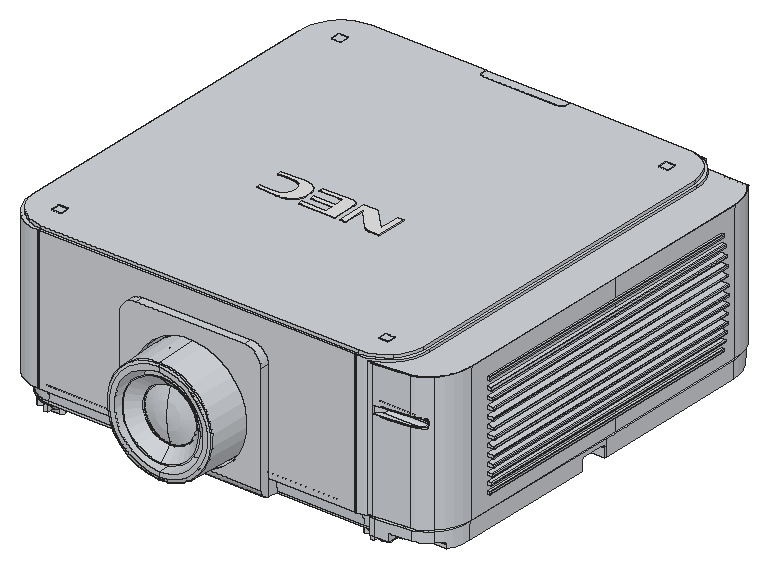
Revit family "PX602UL", category Generic Models, Revit 2012
Parameters
  URL = "www.necdisplay.com"
  Signal Compatibility/Connectivity - Sync Compatibility = "    Separate Sync /Composite Sync / Sync on G"  # constant formula
  Signal Compatibility/Connectivity - Supported Video Standards = "    NTSC, NTSC4.43, PAL, PAL-60, PAL-M, PAL-N, SECAM"  # constant formula
  Signal Compatibility/Connectivity - Scan Rate, Vertical = "    48 - 120 Hz"  # constant formula
  Signal Compatibility/Connectivity - Scan Rate, Horizontal = "    15 - 108 kHz"  # constant formula
  Signal Compatibility/Connectivity - SD/HD Video Signal Compatibility = "    480i, 480p, 576i, 576p, 720p, 1080i, 1080p"  # constant formula
  Signal Compatibility/Connectivity - PC Signal Compatibility = "    VGA, SVGA, XGA, SXGA, SXGA+, UXGA, WUXGA, WXGA, FHD, 2K, QXGA, WQXGA, 4K"  # constant formula
  Signal Compatibility/Connectivity - Networking = "    HDBaseT, RJ-45"  # constant formula
  Signal Compatibility/Connectivity - Macintosh Compatibility = "    Yes"  # constant formula
  Signal Compatibility/Connectivity - Input/Output Terminals RGB5 (digital) = "    HDBaseT"  # constant formula
  Signal Compatibility/Connectivity - Input/Output Terminals RGB4 (digital) = "    DisplayPort w/ HDCP"  # constant formula
  Signal Compatibility/Connectivity - Input/Output Terminals RGB3 (digital) = "    HDMI w/ HDCP"  # constant formula
  Signal Compatibility/Connectivity - Input/Output Terminals RGB2 (analog) = "    5 BNC"  # constant formula
  Signal Compatibility/Connectivity - Input/Output Terminals RGB1 (analog) = "    VGA 15-pin D-sub"  # constant formula
  Signal Compatibility/Connectivity - Input/Output Terminals Option Slot = "    OPS Option Slot"  # constant formula
  Signal Compatibility/Connectivity - Input/Output Terminals Monitor Out = "    HDMI"  # constant formula
  Signal Compatibility/Connectivity - External Control = "    RS-232, IR, HDBaseT, Wired LAN, DDC/CI, USB"  # constant formula
  Signal Compatibility/Connectivity - 3D Sync Line = "    3Pin D"  # constant formula
  Regulations = "    USA: UL 1950 FCC Class B, Canada: CSA950 (C-UL), NOM"  # constant formula
  Power Requirements = "    100 - 240V AC, 50/60Hz"  # constant formula
  Power Consumption (ECO off/ECO Mode/Standby/Standby-Power Saving = "    590W / 460W / 6W / 0.5W"  # constant formula
  Optional Lenses = "    NP33ZL, NP34ZL, NP35ZL, NP36ZL, NP37ZL, NP38ZL"  # constant formula
  Optical - Throw Area NP33ZL = "    0.75 - 0.95 : 1"  # constant formula
  Optical - Throw Area NP34ZL = "    0.95 - 1.2 : 1"  # constant formula
  Optical - Throw Area NP35ZL = "    1.23 - 1.52 : 1"  # constant formula
  Optical - Throw Area NP36FL = "    1.28 - 1.6 : 1"  # constant formula
  Optical - Throw Area NP37ZL = "    1.52 - 2.92 : 1"  # constant formula
  Optical - Throw Area NP38ZL = "    2.9 - 5.5 : 1"  # constant formula
  Optical - Screen Size (diagonal) = "   50 to 300 in. / 1.27 to 7.62m"  # constant formula
  Optical - Resolution Native = "    WUXGA 1920 x 1200 "  # constant formula
  Optical - Resolution Maximum = "    4K 4096 x 2160"  # constant formula
  Optical - Projection Distance = "    3.3 to 65.5ft / 1.01 to 19.96m"  # constant formula
  Optical - Projection Angle = "    5.8 - 14.4deg tele / 10.9 - 18.4deg wide"  # constant formula
  Optical - Light Output (lumens) = "    6000 Normal / Eco = variable"  # constant formula
  Optical - Lens* Zoom Ratio = "    Powered"  # constant formula
  Optical - Lens* Zoom = "    Variable"  # constant formula
  Optical - Lens* Shift = "    Powered +/- 0.6v vertical, +/- 0.15 horizontal"  # constant formula
  Optical - Lens* Focus = "    Powered"  # constant formula
  Optical - Lens* F-number, f-number NP33ZL = "    TBD"  # constant formula
  Optical - Lens* F-number, f-number NP34ZL = "    F=2.3 to 2.57, f= 14.03 to 17.95mm"  # constant formula
  Optical - Lens* F-number, f-number NP35ZL = "    F=2.0 to 2.32, f= 18.07 to 22.59mm"  # constant formula
  Optical - Lens* F-number, f-number NP36ZL = "    F=2.0 to 2.32, f= 18.07 to 22.59mm"  # constant formula
  Optical - Lens* F-number, f-number NP37ZL = "    F=2.3 to 3.39, f= 22.56 to 42.87mm"  # constant formula
  Optical - Lens* F-number, f-number NP38ZL = "    TBD"  # constant formula
  Optical - Keystone Correction = "    +/- 40deg horizontal, +/- 40deg vertical"  # constant formula
  Optical - Display /Technology = "    0.67in DMD"  # constant formula
  Optical - Contrast Ratio (up to) = "    10,000 : 1 with auto iris"  # constant formula
  Net Weight = "    40.8 lbs / 18.5 kg"  # constant formula
  Model = "PX602UL"  # constant formula
  Manufacturer = "NEC Display Solutions"  # constant formula
  Optical - Laser Life (up to) = "    2000 hours"  # constant formula
  Installation Orientation = "    Floor/Front, Floor/Rear, Ceiling/Front, Ceiling/Rear"  # constant formula
  Input Current = "    6.6 - 2.5A"  # constant formula
  Fan Noise = "    39 dB normal / 34 dB eco"  # constant formula
  Environmental - Storage = "    -14deg - 122degF / -10deg - 50degC"  # constant formula
  Environmental - Operating Temperature = "     41deg - 104degF / 5deg - 40degC"  # constant formula
  Environmental - Humidity = "     20-80% non-condensing"  # constant formula
  Dimensions (WxDxH) = "    19.1 x 22.6 x 8.5in / 484 x 575 x 217mm"  # constant formula
  Description = "Professional Installation Projectors"  # constant formula
  * = "Lens does not ship with projector"  # constant formula
Reference planes (in)
  plane 1 "Center (Front/Back)": y = 0
  plane 2: z = 0
  plane 3 "Center (Left/Right)": x = 0
Forms (in)
  Extrusion 1, solid
    sketch origin (0, 0, 0) x (1, 0, 0) y (0, 0, 1)
      loop
        arc (1.09599, 1.4692) -> (0, 6.71357) -> (-1.09599, 1.4692) r 2.73671
        arc (-1.09599, 1.4692) -> (0, 1.27755) -> (1.09599, 1.4692) r 3.22966
      loop
        arc (-2.5975, 7.40776) -> (-3.16144, 7.17417) -> (-3.39503, 6.61024) r 0.79753
        line (-3.39503, 6.61024) -> (-3.39503, 0.86557) -> (3.39688, 0.86557) -> (3.39688, 6.61024)
        arc (3.39688, 6.61024) -> (3.16329, 7.17417) -> (2.59935, 7.40776) r 0.79753
        line (2.59935, 7.40776) -> (-2.5975, 7.40776)
    from 0 to 0.41339
  Revolve 2, solid
    sketch origin (0, 0, 0) x (0, 1, 0) y (0, 0, 1)
      loop
        arc (-2.2325, 6.50365) -> (-2.25473, 6.49581) -> (-2.2685, 6.47669) r 0.03937
        line (-2.2685, 6.47669) -> (-2.31496, 6.33659) -> (-2.31496, 6.11699) -> (0, 6.11699) -> (0, 6.58161) -> (-2.2325, 6.50365)
      axis (-2.31496, 3.97638) -> (0, 3.97638)
    angle from 0 to 360
  Extrusion 3, void
    sketch origin (0, 0, 0) x (0, 1, 0) y (0, 0, 1)
      loop
        line (-0.41339, 1.38558) -> (-0.53857, 1.36259) -> (-0.53857, 0.63269) -> (0.09014, 0.63269) -> (0.09014, 0.92211) -> (0, 0.92211)
        arc (0, 0.92211) -> (-0.1179, 0.96597) -> (-0.22086, 1.03825) r 0.49268
        arc (-0.22086, 1.03825) -> (-0.34555, 1.19616) -> (-0.41339, 1.38558) r 0.62282
    from -3.39503 to 3.39621
  Revolve 4, solid
    sketch origin (0, 0, 0) x (0, 1, 0) y (0, 0, 1)
      loop
        line (0, 6.58698) -> (0, 6.71357) -> (-0.21069, 6.71357)
        arc (-0.21069, 6.71357) -> (-0.08856, 6.67821) -> (0, 6.58698) r 0.24797
      axis (-0.21069, 3.97638) -> (0, 3.97638)
    angle from 0 to 360
  Extrusion 5, solid
    sketch origin (0, 0, 8.66736) x (1, 0, 0) y (0, 1, 0)
      loop
        line (-7.56649, 0) -> (7.56736, 0)
        arc (7.56736, 0) -> (8.97386, 0.59127) -> (9.53543, 2.00989) r 1.9685
        line (9.53543, 2.00989) -> (9.53543, 18.07226)
        arc (9.53543, 18.07226) -> (9.4737, 18.56) -> (9.29303, 19.01723) r 1.9685
        arc (9.29303, 19.01723) -> (8.56995, 19.76467) -> (7.56693, 20.03937) r 1.9685
        line (7.56693, 20.03937) -> (-7.56693, 20.03937)
        arc (-7.56693, 20.03937) -> (-8.95887, 19.46281) -> (-9.53543, 18.07087) r 1.9685
        line (-9.53543, 18.07087) -> (-9.53543, 1.9685)
        arc (-9.53543, 1.9685) -> (-8.95844, 0.57656) -> (-7.56649, 0) r 1.9685
      loop
        line (-9.37587, 18.15763) -> (-9.37587, 1.88174)
        arc (-9.37587, 1.88174) -> (-8.8474, 0.6878) -> (-7.65335, 0.15954) r 1.81102
        line (-7.65335, 0.15954) -> (7.65378, 0.15954)
        arc (7.65378, 0.15954) -> (8.31192, 0.31765) -> (8.866, 0.70642) r 1.81059
        arc (8.866, 0.70642) -> (9.22829, 1.24728) -> (9.37587, 1.88132) r 1.81059
        line (9.37587, 1.88132) -> (9.37587, 18.16994)
        arc (9.37587, 18.16994) -> (9.2874, 18.64639) -> (9.07499, 19.08195) r 1.79925
        arc (9.07499, 19.08195) -> (8.4322, 19.66663) -> (7.59037, 19.88189) r 1.79925
        line (7.59037, 19.88189) -> (-7.56693, 19.88189)
        arc (-7.56693, 19.88189) -> (-8.81646, 19.38177) -> (-9.37587, 18.15763) r 1.81102
    from -6.93508 to -0.13877
  Extrusion 6, solid
    sketch origin (0, 0, 0) x (1, 0, 0) y (0, 1, 0)
      loop
        line (-9.02053, 18.05906) -> (-9.02053, 1.98031)
        arc (-9.02053, 1.98031) -> (-8.59478, 0.95246) -> (-7.56693, 0.52671) r 1.4536
        line (-7.56693, 0.52671) -> (-0.02958, 0.52671) -> (7.56693, 0.52671)
        arc (7.56693, 0.52671) -> (8.59478, 0.95246) -> (9.02053, 1.98031) r 1.4536
        line (9.02053, 1.98031) -> (9.02053, 9.41383) -> (9.02053, 18.05906)
        arc (9.02053, 18.05906) -> (8.59245, 19.08924) -> (7.56033, 19.51264) r 1.4536
        line (7.56033, 19.51264) -> (-7.56033, 19.51264)
        arc (-7.56033, 19.51264) -> (-8.59245, 19.08924) -> (-9.02053, 18.05906) r 1.4536
      loop
        line (-2.35433, 8.11287) -> (-2.35433, 7.91602) -> (-2.03937, 7.91602) -> (-2.03937, 8.11287) -> (-2.35433, 8.11287)
      loop
        line (-1.96063, 8.11287) -> (-1.96063, 7.91602) -> (-1.64567, 7.91602) -> (-1.64567, 8.11287) -> (-1.96063, 8.11287)
      loop
        line (-1.56693, 8.11287) -> (-1.56693, 7.91602) -> (-1.25197, 7.91602) -> (-1.25197, 8.11287) -> (-1.56693, 8.11287)
      loop
        line (-1.17323, 8.11287) -> (-1.17323, 7.91602) -> (-0.85827, 7.91602) -> (-0.85827, 8.11287) -> (-1.17323, 8.11287)
      loop
        line (-0.77953, 8.11287) -> (-0.77953, 7.91602) -> (-0.46457, 7.91602) -> (-0.46457, 8.11287) -> (-0.77953, 8.11287)
      loop
        line (-0.38583, 8.11287) -> (-0.38583, 7.91602) -> (-0.07087, 7.91602) -> (-0.07087, 8.11287) -> (-0.38583, 8.11287)
      loop
        line (0.00787, 8.11287) -> (0.00787, 7.91602) -> (0.32283, 7.91602) -> (0.32283, 8.11287) -> (0.00787, 8.11287)
      loop
        line (0.40157, 8.11287) -> (0.40157, 7.91602) -> (0.71654, 7.91602) -> (0.71654, 8.11287) -> (0.40157, 8.11287)
      loop
        line (0.79528, 8.11287) -> (0.79528, 7.91602) -> (1.11024, 7.91602) -> (1.11024, 8.11287) -> (0.79528, 8.11287)
      loop
        line (1.18898, 8.11287) -> (1.18898, 7.91602) -> (1.50394, 7.91602) -> (1.50394, 8.11287) -> (1.18898, 8.11287)
      loop
        line (-2.35433, 7.84132) -> (-2.35433, 7.64447) -> (-2.03937, 7.64447) -> (-2.03937, 7.84132) -> (-2.35433, 7.84132)
      loop
        line (-1.96063, 7.84132) -> (-1.96063, 7.64447) -> (-1.64567, 7.64447) -> (-1.64567, 7.84132) -> (-1.96063, 7.84132)
      loop
        line (-1.56693, 7.84132) -> (-1.56693, 7.64447) -> (-1.25197, 7.64447) -> (-1.25197, 7.84132) -> (-1.56693, 7.84132)
      loop
        line (-1.17323, 7.84132) -> (-1.17323, 7.64447) -> (-0.85827, 7.64447) -> (-0.85827, 7.84132) -> (-1.17323, 7.84132)
      loop
        line (-0.77953, 7.84132) -> (-0.77953, 7.64447) -> (-0.46457, 7.64447) -> (-0.46457, 7.84132) -> (-0.77953, 7.84132)
      loop
        line (-0.38583, 7.84132) -> (-0.38583, 7.64447) -> (-0.07087, 7.64447) -> (-0.07087, 7.84132) -> (-0.38583, 7.84132)
      loop
        line (0.00787, 7.84132) -> (0.00787, 7.64447) -> (0.32283, 7.64447) -> (0.32283, 7.84132) -> (0.00787, 7.84132)
      loop
        line (0.40157, 7.84132) -> (0.40157, 7.64447) -> (0.71654, 7.64447) -> (0.71654, 7.84132) -> (0.40157, 7.84132)
      loop
        line (0.79528, 7.84132) -> (0.79528, 7.64447) -> (1.11024, 7.64447) -> (1.11024, 7.84132) -> (0.79528, 7.84132)
      loop
        line (1.18898, 7.84132) -> (1.18898, 7.64447) -> (1.50394, 7.64447) -> (1.50394, 7.84132) -> (1.18898, 7.84132)
      loop
        line (-2.35433, 7.56052) -> (-2.35433, 7.36367) -> (-2.03937, 7.36367) -> (-2.03937, 7.56052) -> (-2.35433, 7.56052)
      loop
        line (-1.96063, 7.56052) -> (-1.96063, 7.36367) -> (-1.64567, 7.36367) -> (-1.64567, 7.56052) -> (-1.96063, 7.56052)
      loop
        line (-1.56693, 7.56052) -> (-1.56693, 7.36367) -> (-1.25197, 7.36367) -> (-1.25197, 7.56052) -> (-1.56693, 7.56052)
      loop
        line (-1.17323, 7.56052) -> (-1.17323, 7.36367) -> (-0.85827, 7.36367) -> (-0.85827, 7.56052) -> (-1.17323, 7.56052)
      loop
        line (-0.77953, 7.56052) -> (-0.77953, 7.36367) -> (-0.46457, 7.36367) -> (-0.46457, 7.56052) -> (-0.77953, 7.56052)
      loop
        line (-0.38583, 7.56052) -> (-0.38583, 7.36367) -> (-0.07087, 7.36367) -> (-0.07087, 7.56052) -> (-0.38583, 7.56052)
      loop
        line (0.00787, 7.56052) -> (0.00787, 7.36367) -> (0.32283, 7.36367) -> (0.32283, 7.56052) -> (0.00787, 7.56052)
      loop
        line (0.40157, 7.56052) -> (0.40157, 7.36367) -> (0.71654, 7.36367) -> (0.71654, 7.56052) -> (0.40157, 7.56052)
      loop
        line (0.79528, 7.56052) -> (0.79528, 7.36367) -> (1.11024, 7.36367) -> (1.11024, 7.56052) -> (0.79528, 7.56052)
      loop
        line (1.18898, 7.56052) -> (1.18898, 7.36367) -> (1.50394, 7.36367) -> (1.50394, 7.56052) -> (1.18898, 7.56052)
      loop
        line (-2.35433, 7.2863) -> (-2.35433, 7.08945) -> (-2.03937, 7.08945) -> (-2.03937, 7.2863) -> (-2.35433, 7.2863)
      loop
        line (-1.96063, 7.2863) -> (-1.96063, 7.08945) -> (-1.64567, 7.08945) -> (-1.64567, 7.2863) -> (-1.96063, 7.2863)
      loop
        line (-1.56693, 7.2863) -> (-1.56693, 7.08945) -> (-1.25197, 7.08945) -> (-1.25197, 7.2863) -> (-1.56693, 7.2863)
      loop
        line (-1.17323, 7.2863) -> (-1.17323, 7.08945) -> (-0.85827, 7.08945) -> (-0.85827, 7.2863) -> (-1.17323, 7.2863)
      loop
        line (-0.77953, 7.2863) -> (-0.77953, 7.08945) -> (-0.46457, 7.08945) -> (-0.46457, 7.2863) -> (-0.77953, 7.2863)
      loop
        line (-0.38583, 7.2863) -> (-0.38583, 7.08945) -> (-0.07087, 7.08945) -> (-0.07087, 7.2863) -> (-0.38583, 7.2863)
      loop
        line (0.00787, 7.2863) -> (0.00787, 7.08945) -> (0.32283, 7.08945) -> (0.32283, 7.2863) -> (0.00787, 7.2863)
      loop
        line (0.40157, 7.2863) -> (0.40157, 7.08945) -> (0.71654, 7.08945) -> (0.71654, 7.2863) -> (0.40157, 7.2863)
      loop
        line (0.79528, 7.2863) -> (0.79528, 7.08945) -> (1.11024, 7.08945) -> (1.11024, 7.2863) -> (0.79528, 7.2863)
      loop
        line (1.18898, 7.2863) -> (1.18898, 7.08945) -> (1.50394, 7.08945) -> (1.50394, 7.2863) -> (1.18898, 7.2863)
      loop
        line (-2.35433, 7.01127) -> (-2.35433, 6.81442) -> (-2.03937, 6.81442) -> (-2.03937, 7.01127) -> (-2.35433, 7.01127)
      loop
        line (-1.96063, 7.01127) -> (-1.96063, 6.81442) -> (-1.64567, 6.81442) -> (-1.64567, 7.01127) -> (-1.96063, 7.01127)
      loop
        line (-1.56693, 7.01127) -> (-1.56693, 6.81442) -> (-1.25197, 6.81442) -> (-1.25197, 7.01127) -> (-1.56693, 7.01127)
      loop
        line (-1.17323, 7.01127) -> (-1.17323, 6.81442) -> (-0.85827, 6.81442) -> (-0.85827, 7.01127) -> (-1.17323, 7.01127)
      loop
        line (-0.77953, 7.01127) -> (-0.77953, 6.81442) -> (-0.46457, 6.81442) -> (-0.46457, 7.01127) -> (-0.77953, 7.01127)
      loop
        line (-0.38583, 7.01127) -> (-0.38583, 6.81442) -> (-0.07087, 6.81442) -> (-0.07087, 7.01127) -> (-0.38583, 7.01127)
      loop
        line (0.00787, 7.01127) -> (0.00787, 6.81442) -> (0.32283, 6.81442) -> (0.32283, 7.01127) -> (0.00787, 7.01127)
      loop
        line (0.40157, 7.01127) -> (0.40157, 6.81442) -> (0.71654, 6.81442) -> (0.71654, 7.01127) -> (0.40157, 7.01127)
      loop
        line (0.79528, 7.01127) -> (0.79528, 6.81442) -> (1.11024, 6.81442) -> (1.11024, 7.01127) -> (0.79528, 7.01127)
      loop
        line (1.18898, 7.01127) -> (1.18898, 6.81442) -> (1.50394, 6.81442) -> (1.50394, 7.01127) -> (1.18898, 7.01127)
      loop
        line (-2.35433, 6.73507) -> (-2.35433, 6.53822) -> (-2.03937, 6.53822) -> (-2.03937, 6.73507) -> (-2.35433, 6.73507)
      loop
        line (-1.96063, 6.73507) -> (-1.96063, 6.53822) -> (-1.64567, 6.53822) -> (-1.64567, 6.73507) -> (-1.96063, 6.73507)
      loop
        line (-1.56693, 6.73507) -> (-1.56693, 6.53822) -> (-1.25197, 6.53822) -> (-1.25197, 6.73507) -> (-1.56693, 6.73507)
      loop
        line (-1.17323, 6.73507) -> (-1.17323, 6.53822) -> (-0.85827, 6.53822) -> (-0.85827, 6.73507) -> (-1.17323, 6.73507)
      loop
        line (-0.77953, 6.73507) -> (-0.77953, 6.53822) -> (-0.46457, 6.53822) -> (-0.46457, 6.73507) -> (-0.77953, 6.73507)
      loop
        line (-0.38583, 6.73507) -> (-0.38583, 6.53822) -> (-0.07087, 6.53822) -> (-0.07087, 6.73507) -> (-0.38583, 6.73507)
      loop
        line (0.00787, 6.73507) -> (0.00787, 6.53822) -> (0.32283, 6.53822) -> (0.32283, 6.73507) -> (0.00787, 6.73507)
      loop
        line (0.40157, 6.73507) -> (0.40157, 6.53822) -> (0.71654, 6.53822) -> (0.71654, 6.73507) -> (0.40157, 6.73507)
      loop
        line (0.79528, 6.73507) -> (0.79528, 6.53822) -> (1.11024, 6.53822) -> (1.11024, 6.73507) -> (0.79528, 6.73507)
      loop
        line (1.18898, 6.73507) -> (1.18898, 6.53822) -> (1.50394, 6.53822) -> (1.50394, 6.73507) -> (1.18898, 6.73507)
      loop
        line (-2.35433, 6.45868) -> (-2.35433, 6.26183) -> (-2.03937, 6.26183) -> (-2.03937, 6.45868) -> (-2.35433, 6.45868)
      loop
        line (-1.96063, 6.45868) -> (-1.96063, 6.26183) -> (-1.64567, 6.26183) -> (-1.64567, 6.45868) -> (-1.96063, 6.45868)
      loop
        line (-1.56693, 6.45868) -> (-1.56693, 6.26183) -> (-1.25197, 6.26183) -> (-1.25197, 6.45868) -> (-1.56693, 6.45868)
      loop
        line (-1.17323, 6.45868) -> (-1.17323, 6.26183) -> (-0.85827, 6.26183) -> (-0.85827, 6.45868) -> (-1.17323, 6.45868)
      loop
        line (-0.77953, 6.45868) -> (-0.77953, 6.26183) -> (-0.46457, 6.26183) -> (-0.46457, 6.45868) -> (-0.77953, 6.45868)
      loop
        line (-0.38583, 6.45868) -> (-0.38583, 6.26183) -> (-0.07087, 6.26183) -> (-0.07087, 6.45868) -> (-0.38583, 6.45868)
      loop
        line (0.00787, 6.45868) -> (0.00787, 6.26183) -> (0.32283, 6.26183) -> (0.32283, 6.45868) -> (0.00787, 6.45868)
      loop
        line (0.40157, 6.45868) -> (0.40157, 6.26183) -> (0.71654, 6.26183) -> (0.71654, 6.45868) -> (0.40157, 6.45868)
      loop
        line (0.79528, 6.45868) -> (0.79528, 6.26183) -> (1.11024, 6.26183) -> (1.11024, 6.45868) -> (0.79528, 6.45868)
      loop
        line (1.18898, 6.45868) -> (1.18898, 6.26183) -> (1.50394, 6.26183) -> (1.50394, 6.45868) -> (1.18898, 6.45868)
      loop
        line (-2.35433, 6.18374) -> (-2.35433, 5.98689) -> (-2.03937, 5.98689) -> (-2.03937, 6.18374) -> (-2.35433, 6.18374)
      loop
        line (-1.96063, 6.18374) -> (-1.96063, 5.98689) -> (-1.64567, 5.98689) -> (-1.64567, 6.18374) -> (-1.96063, 6.18374)
      loop
        line (-1.56693, 6.18374) -> (-1.56693, 5.98689) -> (-1.25197, 5.98689) -> (-1.25197, 6.18374) -> (-1.56693, 6.18374)
      loop
        line (-1.17323, 6.18374) -> (-1.17323, 5.98689) -> (-0.85827, 5.98689) -> (-0.85827, 6.18374) -> (-1.17323, 6.18374)
      loop
        line (-0.77953, 6.18374) -> (-0.77953, 5.98689) -> (-0.46457, 5.98689) -> (-0.46457, 6.18374) -> (-0.77953, 6.18374)
      loop
        line (-0.38583, 6.18374) -> (-0.38583, 5.98689) -> (-0.07087, 5.98689) -> (-0.07087, 6.18374) -> (-0.38583, 6.18374)
      loop
        line (0.00787, 6.18374) -> (0.00787, 5.98689) -> (0.32283, 5.98689) -> (0.32283, 6.18374) -> (0.00787, 6.18374)
      loop
        line (0.40157, 6.18374) -> (0.40157, 5.98689) -> (0.71654, 5.98689) -> (0.71654, 6.18374) -> (0.40157, 6.18374)
      loop
        line (0.79528, 6.18374) -> (0.79528, 5.98689) -> (1.11024, 5.98689) -> (1.11024, 6.18374) -> (0.79528, 6.18374)
      loop
        line (1.18898, 6.18374) -> (1.18898, 5.98689) -> (1.50394, 5.98689) -> (1.50394, 6.18374) -> (1.18898, 6.18374)
      loop
        line (-2.35433, 5.90964) -> (-2.35433, 5.71279) -> (-2.03937, 5.71279) -> (-2.03937, 5.90964) -> (-2.35433, 5.90964)
      loop
        line (-1.96063, 5.90964) -> (-1.96063, 5.71279) -> (-1.64567, 5.71279) -> (-1.64567, 5.90964) -> (-1.96063, 5.90964)
      loop
        line (-1.56693, 5.90964) -> (-1.56693, 5.71279) -> (-1.25197, 5.71279) -> (-1.25197, 5.90964) -> (-1.56693, 5.90964)
      loop
        line (-1.17323, 5.90964) -> (-1.17323, 5.71279) -> (-0.85827, 5.71279) -> (-0.85827, 5.90964) -> (-1.17323, 5.90964)
      loop
        line (-0.77953, 5.90964) -> (-0.77953, 5.71279) -> (-0.46457, 5.71279) -> (-0.46457, 5.90964) -> (-0.77953, 5.90964)
      loop
        line (-0.38583, 5.90964) -> (-0.38583, 5.71279) -> (-0.07087, 5.71279) -> (-0.07087, 5.90964) -> (-0.38583, 5.90964)
      loop
        line (0.00787, 5.90964) -> (0.00787, 5.71279) -> (0.32283, 5.71279) -> (0.32283, 5.90964) -> (0.00787, 5.90964)
      loop
        line (0.40157, 5.90964) -> (0.40157, 5.71279) -> (0.71654, 5.71279) -> (0.71654, 5.90964) -> (0.40157, 5.90964)
      loop
        line (0.79528, 5.90964) -> (0.79528, 5.71279) -> (1.11024, 5.71279) -> (1.11024, 5.90964) -> (0.79528, 5.90964)
      loop
        line (1.18898, 5.90964) -> (1.18898, 5.71279) -> (1.50394, 5.71279) -> (1.50394, 5.90964) -> (1.18898, 5.90964)
      loop
        line (-2.35433, 5.63319) -> (-2.35433, 5.43634) -> (-2.03937, 5.43634) -> (-2.03937, 5.63319) -> (-2.35433, 5.63319)
      loop
        line (-1.96063, 5.63319) -> (-1.96063, 5.43634) -> (-1.64567, 5.43634) -> (-1.64567, 5.63319) -> (-1.96063, 5.63319)
      loop
        line (-1.56693, 5.63319) -> (-1.56693, 5.43634) -> (-1.25197, 5.43634) -> (-1.25197, 5.63319) -> (-1.56693, 5.63319)
      loop
        line (-1.17323, 5.63319) -> (-1.17323, 5.43634) -> (-0.85827, 5.43634) -> (-0.85827, 5.63319) -> (-1.17323, 5.63319)
      loop
        line (-0.77953, 5.63319) -> (-0.77953, 5.43634) -> (-0.46457, 5.43634) -> (-0.46457, 5.63319) -> (-0.77953, 5.63319)
      loop
        line (-0.38583, 5.63319) -> (-0.38583, 5.43634) -> (-0.07087, 5.43634) -> (-0.07087, 5.63319) -> (-0.38583, 5.63319)
      loop
        line (0.00787, 5.63319) -> (0.00787, 5.43634) -> (0.32283, 5.43634) -> (0.32283, 5.63319) -> (0.00787, 5.63319)
      loop
        line (0.40157, 5.63319) -> (0.40157, 5.43634) -> (0.71654, 5.43634) -> (0.71654, 5.63319) -> (0.40157, 5.63319)
      loop
        line (0.79528, 5.63319) -> (0.79528, 5.43634) -> (1.11024, 5.43634) -> (1.11024, 5.63319) -> (0.79528, 5.63319)
      loop
        line (1.18898, 5.63319) -> (1.18898, 5.43634) -> (1.50394, 5.43634) -> (1.50394, 5.63319) -> (1.18898, 5.63319)
      loop
        line (-2.35433, 5.35847) -> (-2.35433, 5.16162) -> (-2.03937, 5.16162) -> (-2.03937, 5.35847) -> (-2.35433, 5.35847)
      loop
        line (-1.96063, 5.35847) -> (-1.96063, 5.16162) -> (-1.64567, 5.16162) -> (-1.64567, 5.35847) -> (-1.96063, 5.35847)
      loop
        line (-1.56693, 5.35847) -> (-1.56693, 5.16162) -> (-1.25197, 5.16162) -> (-1.25197, 5.35847) -> (-1.56693, 5.35847)
      loop
        line (-1.17323, 5.35847) -> (-1.17323, 5.16162) -> (-0.85827, 5.16162) -> (-0.85827, 5.35847) -> (-1.17323, 5.35847)
      loop
        line (-0.77953, 5.35847) -> (-0.77953, 5.16162) -> (-0.46457, 5.16162) -> (-0.46457, 5.35847) -> (-0.77953, 5.35847)
      loop
        line (-0.38583, 5.35847) -> (-0.38583, 5.16162) -> (-0.07087, 5.16162) -> (-0.07087, 5.35847) -> (-0.38583, 5.35847)
      loop
        line (0.00787, 5.35847) -> (0.00787, 5.16162) -> (0.32283, 5.16162) -> (0.32283, 5.35847) -> (0.00787, 5.35847)
      loop
        line (0.40157, 5.35847) -> (0.40157, 5.16162) -> (0.71654, 5.16162) -> (0.71654, 5.35847) -> (0.40157, 5.35847)
      loop
        line (0.79528, 5.35847) -> (0.79528, 5.16162) -> (1.11024, 5.16162) -> (1.11024, 5.35847) -> (0.79528, 5.35847)
      loop
        line (1.18898, 5.35847) -> (1.18898, 5.16162) -> (1.50394, 5.16162) -> (1.50394, 5.35847) -> (1.18898, 5.35847)
      loop
        line (-7.48031, 2.2158) -> (-7.48031, 2.01895) -> (-7.16535, 2.01895) -> (-7.16535, 2.2158) -> (-7.48031, 2.2158)
      loop
        line (-7.08661, 2.2158) -> (-7.08661, 2.01895) -> (-6.77165, 2.01895) -> (-6.77165, 2.2158) -> (-7.08661, 2.2158)
      loop
        line (-6.69291, 2.2158) -> (-6.69291, 2.01895) -> (-6.37795, 2.01895) -> (-6.37795, 2.2158) -> (-6.69291, 2.2158)
      loop
        line (-6.29921, 2.2158) -> (-6.29921, 2.01895) -> (-5.98425, 2.01895) -> (-5.98425, 2.2158) -> (-6.29921, 2.2158)
      loop
        line (-5.90551, 2.2158) -> (-5.90551, 2.01895) -> (-5.59055, 2.01895) -> (-5.59055, 2.2158) -> (-5.90551, 2.2158)
      loop
        line (-5.51181, 2.2158) -> (-5.51181, 2.01895) -> (-5.19685, 2.01895) -> (-5.19685, 2.2158) -> (-5.51181, 2.2158)
      loop
        line (-5.11811, 2.2158) -> (-5.11811, 2.01895) -> (-4.80315, 2.01895) -> (-4.80315, 2.2158) -> (-5.11811, 2.2158)
      loop
        line (-7.48031, 1.94425) -> (-7.48031, 1.74739) -> (-7.16535, 1.74739) -> (-7.16535, 1.94425) -> (-7.48031, 1.94425)
      loop
        line (-7.08661, 1.94425) -> (-7.08661, 1.74739) -> (-6.77165, 1.74739) -> (-6.77165, 1.94425) -> (-7.08661, 1.94425)
      loop
        line (-6.69291, 1.94425) -> (-6.69291, 1.74739) -> (-6.37795, 1.74739) -> (-6.37795, 1.94425) -> (-6.69291, 1.94425)
      loop
        line (-6.29921, 1.94425) -> (-6.29921, 1.74739) -> (-5.98425, 1.74739) -> (-5.98425, 1.94425) -> (-6.29921, 1.94425)
      loop
        line (-5.90551, 1.94425) -> (-5.90551, 1.74739) -> (-5.59055, 1.74739) -> (-5.59055, 1.94425) -> (-5.90551, 1.94425)
      loop
        line (-5.51181, 1.94425) -> (-5.51181, 1.74739) -> (-5.19685, 1.74739) -> (-5.19685, 1.94425) -> (-5.51181, 1.94425)
      loop
        line (-5.11811, 1.94425) -> (-5.11811, 1.74739) -> (-4.80315, 1.74739) -> (-4.80315, 1.94425) -> (-5.11811, 1.94425)
      loop
        line (-7.48031, 1.66344) -> (-7.48031, 1.46659) -> (-7.16535, 1.46659) -> (-7.16535, 1.66344) -> (-7.48031, 1.66344)
      loop
        line (-7.08661, 1.66344) -> (-7.08661, 1.46659) -> (-6.77165, 1.46659) -> (-6.77165, 1.66344) -> (-7.08661, 1.66344)
      loop
        line (-6.69291, 1.66344) -> (-6.69291, 1.46659) -> (-6.37795, 1.46659) -> (-6.37795, 1.66344) -> (-6.69291, 1.66344)
      loop
        line (-6.29921, 1.66344) -> (-6.29921, 1.46659) -> (-5.98425, 1.46659) -> (-5.98425, 1.66344) -> (-6.29921, 1.66344)
      loop
        line (-5.90551, 1.66344) -> (-5.90551, 1.46659) -> (-5.59055, 1.46659) -> (-5.59055, 1.66344) -> (-5.90551, 1.66344)
      loop
        line (-5.51181, 1.66344) -> (-5.51181, 1.46659) -> (-5.19685, 1.46659) -> (-5.19685, 1.66344) -> (-5.51181, 1.66344)
      loop
        line (-5.11811, 1.66344) -> (-5.11811, 1.46659) -> (-4.80315, 1.46659) -> (-4.80315, 1.66344) -> (-5.11811, 1.66344)
      loop
        line (-7.48031, 1.38923) -> (-7.48031, 1.19238) -> (-7.16535, 1.19238) -> (-7.16535, 1.38923) -> (-7.48031, 1.38923)
      loop
        line (-7.08661, 1.38923) -> (-7.08661, 1.19238) -> (-6.77165, 1.19238) -> (-6.77165, 1.38923) -> (-7.08661, 1.38923)
      loop
        line (-6.69291, 1.38923) -> (-6.69291, 1.19238) -> (-6.37795, 1.19238) -> (-6.37795, 1.38923) -> (-6.69291, 1.38923)
      loop
        line (-6.29921, 1.38923) -> (-6.29921, 1.19238) -> (-5.98425, 1.19238) -> (-5.98425, 1.38923) -> (-6.29921, 1.38923)
      loop
        line (-5.90551, 1.38923) -> (-5.90551, 1.19238) -> (-5.59055, 1.19238) -> (-5.59055, 1.38923) -> (-5.90551, 1.38923)
      loop
        line (-5.51181, 1.38923) -> (-5.51181, 1.19238) -> (-5.19685, 1.19238) -> (-5.19685, 1.38923) -> (-5.51181, 1.38923)
      loop
        line (-5.11811, 1.38923) -> (-5.11811, 1.19238) -> (-4.80315, 1.19238) -> (-4.80315, 1.38923) -> (-5.11811, 1.38923)
      loop
        line (-7.48031, 1.11419) -> (-7.48031, 0.91734) -> (-7.16535, 0.91734) -> (-7.16535, 1.11419) -> (-7.48031, 1.11419)
      loop
        line (-7.08661, 1.11419) -> (-7.08661, 0.91734) -> (-6.77165, 0.91734) -> (-6.77165, 1.11419) -> (-7.08661, 1.11419)
      loop
        line (-6.69291, 1.11419) -> (-6.69291, 0.91734) -> (-6.37795, 0.91734) -> (-6.37795, 1.11419) -> (-6.69291, 1.11419)
      loop
        line (-6.29921, 1.11419) -> (-6.29921, 0.91734) -> (-5.98425, 0.91734) -> (-5.98425, 1.11419) -> (-6.29921, 1.11419)
      loop
        line (-5.90551, 1.11419) -> (-5.90551, 0.91734) -> (-5.59055, 0.91734) -> (-5.59055, 1.11419) -> (-5.90551, 1.11419)
      loop
        line (-5.51181, 1.11419) -> (-5.51181, 0.91734) -> (-5.19685, 0.91734) -> (-5.19685, 1.11419) -> (-5.51181, 1.11419)
      loop
        line (-5.11811, 1.11419) -> (-5.11811, 0.91734) -> (-4.80315, 0.91734) -> (-4.80315, 1.11419) -> (-5.11811, 1.11419)
      loop
        circle (0, 10.96457) r 0.31496
      loop
        circle (0, 10.96457) r 0.30496
      loop
        line (4.63783, 19.42338) -> (4.64395, 19.28105) -> (5.51354, 19.28105) -> (5.51966, 19.42338) -> (4.63783, 19.42338)
      loop
        line (5.50997, 19.19806) -> (4.64752, 19.19806) -> (4.65275, 19.07637) -> (5.50474, 19.07637) -> (5.50997, 19.19806)
      loop
        line (5.5013, 18.99646) -> (4.65619, 18.99646) -> (4.66424, 18.80938)
        arc (4.66424, 18.80938) -> (5.07875, 18.41232) -> (5.49325, 18.80939) r 0.41489
        line (5.49325, 18.80939) -> (5.5013, 18.99646)
    from 0.86557 to 0.9673
  Extrusion 7, solid
    sketch origin (0, 0, 0) x (1, 0, 0) y (0, 1, 0)
      loop
        arc (-9.37587, 1.88174) -> (-8.8474, 0.6878) -> (-7.65335, 0.15954) r 1.81102
        line (-7.65335, 0.15954) -> (7.65378, 0.15954)
        arc (7.65378, 0.15954) -> (8.31192, 0.31765) -> (8.866, 0.70642) r 1.81059
        arc (8.866, 0.70642) -> (9.22829, 1.24728) -> (9.37587, 1.88132) r 1.81059
        line (9.37587, 1.88132) -> (9.37587, 18.16994)
        arc (9.37587, 18.16994) -> (9.2874, 18.64639) -> (9.07499, 19.08195) r 1.79925
        arc (9.07499, 19.08195) -> (8.4322, 19.66663) -> (7.59037, 19.88189) r 1.79925
        line (7.59037, 19.88189) -> (-7.56693, 19.88189)
        arc (-7.56693, 19.88189) -> (-8.81646, 19.38177) -> (-9.37587, 18.15763) r 1.81102
        line (-9.37587, 18.15763) -> (-9.37587, 1.88174)
    from 8.52858 to 8.66142
  Sweep 8, solid
    path in 3D
      loop
        arc (-9.02053, 1.98031, 0.9673) -> (-8.59478, 0.95246, 0.9673) -> (-7.56693, 0.52671, 0.9673) r 1.4536
        line (-7.56693, 0.52671, 0.9673) -> (-0.02958, 0.52671, 0.9673) -> (7.56693, 0.52671, 0.9673)
        arc (7.56693, 0.52671, 0.9673) -> (8.59478, 0.95246, 0.9673) -> (9.02053, 1.98031, 0.9673) r 1.4536
        line (9.02053, 1.98031, 0.9673) -> (9.02053, 9.41383, 0.9673) -> (9.02053, 18.05906, 0.9673)
        arc (9.02053, 18.05906, 0.9673) -> (8.59245, 19.08924, 0.9673) -> (7.56033, 19.51264, 0.9673) r 1.4536
        line (7.56033, 19.51264, 0.9673) -> (-7.56033, 19.51264, 0.9673)
        arc (-7.56033, 19.51264, 0.9673) -> (-8.59245, 19.08924, 0.9673) -> (-9.02053, 18.05906, 0.9673) r 1.4536
        line (-9.02053, 18.05906, 0.9673) -> (-9.02053, 1.98031, 0.9673)
    profile origin (-9.02053, 10.01969, 0.9673) x (1, 0, 0) y (0, 0, 1)
      loop
        line (-0.00347, 0) -> (0.03669, 0) -> (-0.01797, 0.62471)
        arc (-0.01797, 0.62471) -> (-0.04188, 0.70307) -> (-0.09553, 0.76498) r 0.19748
        line (-0.09553, 0.76498) -> (-0.2147, 0.76498)
        arc (-0.2147, 0.76498) -> (-0.1083, 0.72361) -> (-0.05782, 0.62122) r 0.15748
        line (-0.05782, 0.62122) -> (-0.00347, 0)
  Extrusion 9, void
    sketch origin (0, 0, 0) x (1, 0, 0) y (0, 0, 1)
      loop
        circle (0, 3.97638) r 2.14062
    from -0.30231 to 0
  Extrusion 10, solid
    sketch origin (0, 0, 0) x (1, 0, 0) y (0, 1, 0)
      loop
        arc (8.20758, 19.9322) -> (8.22762, 19.92518) -> (8.24758, 19.91795) r 1.9685
        line (8.24758, 19.91795) -> (8.24758, 19.99937) -> (8.46124, 19.99937)
        arc (8.46124, 19.99937) -> (9.29332, 19.95711) -> (10.11949, 19.84944) r 10.56873
        arc (10.11949, 19.84944) -> (10.55089, 19.69801) -> (10.90792, 19.4124) r 1.36265
        arc (10.90792, 19.4124) -> (11.32679, 18.72464) -> (11.47576, 17.93325) r 2.24296
        line (11.47576, 17.93325) -> (11.47576, 10.30651) -> (11.47576, 2.10612)
        arc (11.47576, 2.10612) -> (11.32679, 1.31473) -> (10.90792, 0.62697) r 2.24296
        arc (10.90792, 0.62697) -> (10.55089, 0.34136) -> (10.11949, 0.18993) r 1.36265
        arc (10.11949, 0.18993) -> (9.29332, 0.08226) -> (8.46124, 0.04) r 10.56873
        line (8.46124, 0.04) -> (8.24393, 0.04) -> (8.24393, 0.11992)
        arc (8.24393, 0.11992) -> (8.22397, 0.11274) -> (8.20393, 0.10577) r 1.9685
        line (8.20393, 0.10577) -> (8.20393, 0) -> (8.46146, 0)
        arc (8.46146, 0) -> (9.29681, 0.04241) -> (10.12622, 0.1505) r 10.60873
        arc (10.12622, 0.1505) -> (10.57028, 0.30638) -> (10.93779, 0.60036) r 1.40265
        arc (10.93779, 0.60036) -> (11.36416, 1.30045) -> (11.51576, 2.10601) r 2.28296
        line (11.51576, 2.10601) -> (11.51576, 10.71967) -> (11.51576, 17.93336)
        arc (11.51576, 17.93336) -> (11.36416, 18.73892) -> (10.93779, 19.43901) r 2.28296
        arc (10.93779, 19.43901) -> (10.57028, 19.73299) -> (10.12622, 19.88887) r 1.40265
        arc (10.12622, 19.88887) -> (9.29681, 19.99696) -> (8.46146, 20.03937) r 10.60873
        line (8.46146, 20.03937) -> (8.20758, 20.03937) -> (8.20758, 19.9322)
    from 1.86959 to 8.45014
  Extrusion 11, solid
    sketch origin (0, 0, 0) x (1, 0, 0) y (0, 1, 0)
      loop
        line (8.46124, 19.99937) -> (8.24758, 19.99937) -> (8.24758, 19.91795)
        arc (8.24758, 19.91795) -> (8.85182, 19.5622) -> (9.29303, 19.01723) r 1.9685
        arc (9.29303, 19.01723) -> (9.4737, 18.56) -> (9.53543, 18.07226) r 1.9685
        line (9.53543, 18.07226) -> (9.53543, 2.00989)
        arc (9.53543, 2.00989) -> (9.19264, 0.85788) -> (8.24393, 0.11992) r 1.9685
        line (8.24393, 0.11992) -> (8.24393, 0.04) -> (8.46124, 0.04)
        arc (8.46124, 0.04) -> (9.29332, 0.08226) -> (10.11949, 0.18993) r 10.56873
        arc (10.11949, 0.18993) -> (10.55089, 0.34136) -> (10.90792, 0.62697) r 1.36265
        arc (10.90792, 0.62697) -> (11.32679, 1.31473) -> (11.47576, 2.10612) r 2.24296
        line (11.47576, 2.10612) -> (11.47576, 10.30651) -> (11.47576, 17.93325)
        arc (11.47576, 17.93325) -> (11.32679, 18.72464) -> (10.90792, 19.4124) r 2.24296
        arc (10.90792, 19.4124) -> (10.55089, 19.69801) -> (10.11949, 19.84944) r 1.36265
        arc (10.11949, 19.84944) -> (9.29332, 19.95711) -> (8.46124, 19.99937) r 10.56873
    from 8.42294 to 8.45014
  Extrusion 12, solid
    sketch origin (0, 0, 0) x (0, 1, 0) y (0, 0, 1)
      loop
        line (0.53057, 0.878) -> (0.46841, 1.58853)
        arc (0.46841, 1.58853) -> (0.4175, 1.69129) -> (0.31039, 1.73228) r 0.15748
        line (0.31039, 1.73228) -> (0, 1.73228) -> (0, 0.92211)
        arc (0, 0.92211) -> (0.06308, 0.90659) -> (0.1276, 0.89912) r 0.51641
        line (0.1276, 0.89912) -> (0.53057, 0.878)
    from -3.38779 to 3.39621
  Extrusion 13, solid
    sketch origin (0, 0, 0) x (1, 0, 0) y (0, 0, 1)
      loop
        arc (11.66784, 7.51582) -> (11.6847, 7.52506) -> (11.6916, 7.54301) r 0.02795
        spline (11.6916, 7.54301) -> (11.69023, 7.55072) -> (11.68885, 7.55842) -> (11.68746, 7.56613) -> (11.68607, 7.57384) -> (11.68468, 7.58154) -> (11.68328, 7.58925) -> (11.68188, 7.59695) -> (11.68047, 7.60465) -> (11.67906, 7.61236) -> (11.67765, 7.62006) -> (11.67623, 7.62776) -> (11.6748, 7.63546)
        arc (11.6748, 7.63546) -> (11.66754, 7.65087) -> (11.65217, 7.65823) r 0.02541
        line (11.65217, 7.65823) -> (11.51576, 7.66538) -> (11.51576, 7.50785) -> (11.66784, 7.51582)
      loop
        line (11.51576, 7.25593) -> (11.51576, 7.0984) -> (11.74105, 7.11021)
        arc (11.74105, 7.11021) -> (11.75558, 7.11761) -> (11.76143, 7.13284) r 0.02275
        spline (11.76143, 7.13284) -> (11.76035, 7.14012) -> (11.75927, 7.1474) -> (11.75819, 7.15469) -> (11.7571, 7.16197) -> (11.75601, 7.16925) -> (11.75492, 7.17653) -> (11.75382, 7.18381) -> (11.75272, 7.19109) -> (11.75161, 7.19837) -> (11.7505, 7.20565) -> (11.74939, 7.21293) -> (11.74827, 7.22021)
        arc (11.74827, 7.22021) -> (11.73997, 7.23748) -> (11.7224, 7.2451) r 0.02742
        line (11.7224, 7.2451) -> (11.51576, 7.25593)
      loop
        line (11.51576, 2.57478) -> (11.65331, 2.58199)
        arc (11.65331, 2.58199) -> (11.66593, 2.59116) -> (11.67528, 2.60364) r 0.05235
        spline (11.67528, 2.60364) -> (11.67672, 2.61143) -> (11.67816, 2.61923) -> (11.67959, 2.62703) -> (11.68102, 2.63483) -> (11.68244, 2.64263) -> (11.68386, 2.65043) -> (11.68527, 2.65823) -> (11.68668, 2.66604) -> (11.68809, 2.67384) -> (11.68949, 2.68164) -> (11.69088, 2.68945) -> (11.69208, 2.69729)
        arc (11.69208, 2.69729) -> (11.68863, 2.71412) -> (11.67457, 2.72399) r 0.02325
        line (11.67457, 2.72399) -> (11.51576, 2.73231) -> (11.51576, 2.57478)
      loop
        line (11.51576, 6.8268) -> (11.51576, 6.66927) -> (11.79325, 6.68381)
        arc (11.79325, 6.68381) -> (11.80903, 6.69161) -> (11.8142, 6.70846) r 0.02213
        spline (11.8142, 6.70846) -> (11.8134, 6.71531) -> (11.8126, 6.72215) -> (11.8118, 6.72899) -> (11.811, 6.73584) -> (11.81019, 6.74268) -> (11.80938, 6.74952) -> (11.80856, 6.75636) -> (11.80775, 6.7632) -> (11.80692, 6.77004) -> (11.8061, 6.77688) -> (11.80527, 6.78372) -> (11.80438, 6.79056)
        arc (11.80438, 6.79056) -> (11.79821, 6.80451) -> (11.78533, 6.81267) r 0.02624
        line (11.78533, 6.81267) -> (11.51576, 6.8268)
      loop
        line (11.51576, 6.41735) -> (11.51576, 6.25982) -> (11.83407, 6.2765)
        arc (11.83407, 6.2765) -> (11.85019, 6.28532) -> (11.85512, 6.30302) r 0.02364
        spline (11.85512, 6.30302) -> (11.85456, 6.30949) -> (11.854, 6.31595) -> (11.85343, 6.32242) -> (11.85287, 6.32889) -> (11.8523, 6.33535) -> (11.85172, 6.34182) -> (11.85115, 6.34828) -> (11.85057, 6.35475) -> (11.84999, 6.36121) -> (11.8494, 6.36768) -> (11.84881, 6.37414) -> (11.84818, 6.3806)
        arc (11.84818, 6.3806) -> (11.84161, 6.39454) -> (11.82763, 6.401) r 0.02254
        line (11.82763, 6.401) -> (11.51576, 6.41735)
      loop
        line (11.51576, 6.0079) -> (11.51576, 5.85037) -> (11.86487, 5.86866)
        arc (11.86487, 5.86866) -> (11.87961, 5.87704) -> (11.88424, 5.89335) r 0.02238
        spline (11.88424, 5.89335) -> (11.88389, 5.89964) -> (11.88353, 5.90592) -> (11.88317, 5.9122) -> (11.88281, 5.91848) -> (11.88244, 5.92476) -> (11.88208, 5.93104) -> (11.8817, 5.93732) -> (11.88133, 5.9436) -> (11.88095, 5.94988) -> (11.88057, 5.95616) -> (11.88019, 5.96244) -> (11.8798, 5.96872)
        arc (11.8798, 5.96872) -> (11.8737, 5.98327) -> (11.85938, 5.98989) r 0.02181
        line (11.85938, 5.98989) -> (11.51576, 6.0079)
      loop
        line (11.51576, 5.59845) -> (11.51576, 5.44092) -> (11.87966, 5.45999)
        arc (11.87966, 5.45999) -> (11.89507, 5.4673) -> (11.90118, 5.48327) r 0.02272
        spline (11.90118, 5.48327) -> (11.90101, 5.48951) -> (11.90084, 5.49574) -> (11.90067, 5.50198) -> (11.9005, 5.50821) -> (11.90032, 5.51445) -> (11.90014, 5.52068) -> (11.89996, 5.52692) -> (11.89977, 5.53315) -> (11.89958, 5.53939) -> (11.89939, 5.54562) -> (11.8992, 5.55185) -> (11.89889, 5.55808)
        arc (11.89889, 5.55808) -> (11.89284, 5.5726) -> (11.87868, 5.57943) r 0.02213
        line (11.87868, 5.57943) -> (11.51576, 5.59845)
      loop
        line (11.88521, 5.16964) -> (11.51576, 5.189) -> (11.51576, 5.03147) -> (11.88561, 5.05085)
        arc (11.88561, 5.05085) -> (11.90063, 5.05987) -> (11.90575, 5.07663) r 0.0244
        spline (11.90575, 5.07663) -> (11.90576, 5.08247) -> (11.90578, 5.08832) -> (11.90579, 5.09417) -> (11.9058, 5.10001) -> (11.9058, 5.10586) -> (11.90581, 5.1117) -> (11.90581, 5.11755) -> (11.90581, 5.1234) -> (11.9058, 5.12924) -> (11.9058, 5.13509) -> (11.90579, 5.14094) -> (11.90578, 5.14678)
        arc (11.90578, 5.14678) -> (11.90023, 5.16247) -> (11.88521, 5.16964) r 0.02174
      loop
        line (11.51576, 4.77955) -> (11.51576, 4.62202) -> (11.87782, 4.641)
        arc (11.87782, 4.641) -> (11.893, 4.64831) -> (11.89854, 4.66423) r 0.02198
        spline (11.89854, 4.66423) -> (11.89874, 4.6705) -> (11.89895, 4.67678) -> (11.89915, 4.68305) -> (11.89934, 4.68932) -> (11.89954, 4.6956) -> (11.89973, 4.70187) -> (11.89991, 4.70814) -> (11.9001, 4.71442) -> (11.90028, 4.72069) -> (11.90046, 4.72697) -> (11.90064, 4.73324) -> (11.90081, 4.73951)
        arc (11.90081, 4.73951) -> (11.89411, 4.75358) -> (11.88013, 4.76046) r 0.02375
        line (11.88013, 4.76046) -> (11.51576, 4.77955)
      loop
        line (11.51576, 4.3701) -> (11.51576, 4.21257) -> (11.85868, 4.23054)
        arc (11.85868, 4.23054) -> (11.87289, 4.24016) -> (11.87908, 4.25617) r 0.02861
        spline (11.87908, 4.25617) -> (11.87946, 4.26219) -> (11.87983, 4.2682) -> (11.8802, 4.27421) -> (11.88057, 4.28023) -> (11.88093, 4.28624) -> (11.88129, 4.29225) -> (11.88165, 4.29827) -> (11.88201, 4.30428) -> (11.88236, 4.31029) -> (11.88271, 4.31631) -> (11.88306, 4.32232) -> (11.88303, 4.32836)
        arc (11.88303, 4.32836) -> (11.87736, 4.34456) -> (11.86188, 4.35196) r 0.02236
        line (11.86188, 4.35196) -> (11.51576, 4.3701)
      loop
        line (11.83144, 3.94411) -> (11.51576, 3.96066) -> (11.51576, 3.80312) -> (11.82562, 3.81936)
        arc (11.82562, 3.81936) -> (11.84013, 3.82765) -> (11.84683, 3.84296) r 0.02657
        spline (11.84683, 3.84296) -> (11.8476, 3.84911) -> (11.84816, 3.85527) -> (11.84873, 3.86144) -> (11.84929, 3.86761) -> (11.84985, 3.87378) -> (11.85041, 3.87995) -> (11.85096, 3.88612) -> (11.85151, 3.89229) -> (11.85206, 3.89846) -> (11.8526, 3.90463) -> (11.85315, 3.9108) -> (11.85369, 3.91697)
        arc (11.85369, 3.91697) -> (11.84803, 3.93504) -> (11.83144, 3.94411) r 0.02512
      loop
        line (11.51576, 3.55121) -> (11.51576, 3.39368) -> (11.78193, 3.40763)
        arc (11.78193, 3.40763) -> (11.79562, 3.41534) -> (11.80243, 3.42957) r 0.02562
        spline (11.80243, 3.42957) -> (11.80325, 3.43619) -> (11.80406, 3.4428) -> (11.80486, 3.44942) -> (11.80567, 3.45603) -> (11.80647, 3.46265) -> (11.80726, 3.46927) -> (11.80806, 3.47588) -> (11.80885, 3.4825) -> (11.80963, 3.48912) -> (11.81042, 3.49574) -> (11.8112, 3.50236) -> (11.81198, 3.50898)
        arc (11.81198, 3.50898) -> (11.80753, 3.52712) -> (11.79152, 3.53675) r 0.02432
        line (11.79152, 3.53675) -> (11.51576, 3.55121)
      loop
        line (11.51576, 3.14176) -> (11.51576, 2.98423) -> (11.72413, 2.99515)
        arc (11.72413, 2.99515) -> (11.73823, 3.00314) -> (11.74542, 3.0177) r 0.02735
        spline (11.74542, 3.0177) -> (11.74646, 3.02449) -> (11.7475, 3.03128) -> (11.74854, 3.03807) -> (11.74957, 3.04486) -> (11.7506, 3.05165) -> (11.75162, 3.05844) -> (11.75265, 3.06524) -> (11.75366, 3.07203) -> (11.75468, 3.07882) -> (11.75569, 3.08561) -> (11.7567, 3.09241) -> (11.75771, 3.0992)
        arc (11.75771, 3.0992) -> (11.75463, 3.11924) -> (11.73753, 3.13013) r 0.02456
        line (11.73753, 3.13013) -> (11.51576, 3.14176)
    from -17.04836 to -2.99101
  Extrusion 14, solid
    sketch origin (0, 0, 0) x (1, 0, 0) y (0, 1, 0)
      loop
        line (10.59057, 10.33723) -> (9.07087, 10.25759) -> (9.07087, 8.74635) -> (10.59057, 8.6667) -> (10.59057, 2.25699)
        arc (10.59057, 2.25699) -> (10.57361, 2.02973) -> (10.52727, 1.80658) r 1.7512
        arc (10.52727, 1.80658) -> (10.47972, 1.72291) -> (10.39818, 1.67178) r 0.19685
        line (10.39818, 1.67178) -> (8.91339, 1.19104) -> (8.48031, 1.12918) -> (8.48031, 0.62954) -> (8.24393, 0.61745) -> (8.24393, 0.09) -> (8.46095, 0.09)
        arc (8.46095, 0.09) -> (9.28896, 0.13207) -> (10.11108, 0.23922) r 10.51873
        arc (10.11108, 0.23922) -> (10.52665, 0.38509) -> (10.87058, 0.66022) r 1.31265
        arc (10.87058, 0.66022) -> (11.28009, 1.33259) -> (11.42576, 2.10626) r 2.19296
        line (11.42576, 2.10626) -> (11.42576, 10.30651) -> (11.42576, 17.93311)
        arc (11.42576, 17.93311) -> (11.28009, 18.70678) -> (10.87058, 19.37915) r 2.19296
        arc (10.87058, 19.37915) -> (10.52665, 19.65428) -> (10.11108, 19.80015) r 1.31265
        arc (10.11108, 19.80015) -> (9.28896, 19.9073) -> (8.46095, 19.94937) r 10.51873
        line (8.46095, 19.94937) -> (8.24758, 19.94937) -> (8.24758, 19.42173) -> (8.3622, 19.41587) -> (8.3622, 19.13171) -> (8.3622, 18.92659) -> (8.91339, 18.84785) -> (10.39832, 18.36707)
        arc (10.39832, 18.36707) -> (10.47989, 18.31591) -> (10.52744, 18.23218) r 0.19685
        arc (10.52744, 18.23218) -> (10.58379, 17.93445) -> (10.59057, 17.6315) r 1.84203
        line (10.59057, 17.6315) -> (10.59057, 10.33723)
    from 0.94932 to 1.73228
  Extrusion 15, void
    sketch origin (0, 0, 0) x (0, 1, 0) y (0, 0, 1)
      loop
        line (0.9067, 1.28012) -> (0.09, 1.28012) -> (0.09, 0.94932) -> (1.06358, 0.94932) -> (1.06358, 1.12324)
        spline (1.06358, 1.12324) -> (1.06224, 1.14376) -> (1.05825, 1.16392) -> (1.05166, 1.18336) -> (1.0426, 1.20177) -> (1.03122, 1.21883) -> (1.01771, 1.23424) -> (1.00229, 1.24775) -> (0.98523, 1.25914) -> (0.96683, 1.2682) -> (0.94738, 1.27478) -> (0.92723, 1.27878) -> (0.9067, 1.28012)
      loop
        line (10.02777, 1.54276) -> (8.97616, 1.54276)
        spline (8.97616, 1.54276) -> (8.95562, 1.54141) -> (8.93543, 1.5374) -> (8.91595, 1.53079) -> (8.8975, 1.5217) -> (8.88039, 1.51028) -> (8.86493, 1.49672) -> (8.85138, 1.48126) -> (8.83995, 1.46416) -> (8.83086, 1.44571) -> (8.82425, 1.42622) -> (8.82024, 1.40604) -> (8.8189, 1.38549)
        line (8.8189, 1.38549) -> (8.8189, 0.94932) -> (10.18504, 0.94932) -> (10.18504, 1.38549)
        spline (10.18504, 1.38549) -> (10.18369, 1.40604) -> (10.17968, 1.42622) -> (10.17308, 1.44571) -> (10.16398, 1.46416) -> (10.15256, 1.48126) -> (10.139, 1.49672) -> (10.12354, 1.51028) -> (10.10644, 1.5217) -> (10.08799, 1.53079) -> (10.06851, 1.5374) -> (10.04832, 1.54141) -> (10.02777, 1.54276)
      loop
        spline (19.13267, 1.28012) -> (19.11214, 1.27878) -> (19.09199, 1.27478) -> (19.07254, 1.2682) -> (19.05414, 1.25914) -> (19.03708, 1.24775) -> (19.02166, 1.23424) -> (19.00815, 1.21883) -> (18.99677, 1.20177) -> (18.98771, 1.18336) -> (18.98112, 1.16392) -> (18.97713, 1.14376) -> (18.97579, 1.12324)
        line (18.97579, 1.12324) -> (18.97579, 0.94932) -> (19.94937, 0.94932) -> (19.94937, 1.28012) -> (19.13267, 1.28012)
    from 9.11607 to 11.90532
  Extrusion 16, void
    sketch origin (0, 0, 0) x (0, 1, 0) y (0, 0, 1)
      loop
        line (0.31359, 6.67323) -> (0, 6.67323) -> (0, 6.27953) -> (0.31359, 6.27953)
        spline (0.31359, 6.27953) -> (0.33412, 6.28087) -> (0.35427, 6.28486) -> (0.37372, 6.29145) -> (0.39212, 6.30051) -> (0.40918, 6.31189) -> (0.4246, 6.3254) -> (0.43811, 6.34082) -> (0.44949, 6.35788) -> (0.45855, 6.37628) -> (0.46514, 6.39573) -> (0.46913, 6.41588) -> (0.47047, 6.43641)
        line (0.47047, 6.43641) -> (0.47047, 6.51635)
        spline (0.47047, 6.51635) -> (0.46913, 6.53687) -> (0.46514, 6.55703) -> (0.45855, 6.57647) -> (0.44949, 6.59488) -> (0.43811, 6.61194) -> (0.4246, 6.62735) -> (0.40918, 6.64087) -> (0.39212, 6.65225) -> (0.37372, 6.66131) -> (0.35427, 6.66789) -> (0.33412, 6.67189) -> (0.31359, 6.67323)
      loop
        line (19.61396, 8.00394) -> (20.03937, 8.00394) -> (20.03937, 8.45014) -> (19.45669, 8.45014) -> (19.45669, 8.1612)
        spline (19.45669, 8.1612) -> (19.45804, 8.14066) -> (19.46205, 8.12047) -> (19.46866, 8.10099) -> (19.47775, 8.08254) -> (19.48917, 8.06543) -> (19.50273, 8.04997) -> (19.51819, 8.03641) -> (19.53529, 8.02499) -> (19.55374, 8.0159) -> (19.57323, 8.00929) -> (19.59341, 8.00528) -> (19.61396, 8.00394)
      loop
        circle (12.14567, 7.50984) r 0.12987
      loop
        circle (7.22441, 7.50984) r 0.12987
    from 8.43945 to 12.1238
  Extrusion 17, solid
    sketch origin (0, 0, 0) x (0, 1, 0) y (0, 0, 1)
      loop
        spline (0.31359, 6.67323) -> (0.33412, 6.67189) -> (0.35427, 6.66789) -> (0.37372, 6.66131) -> (0.39212, 6.65225) -> (0.40918, 6.64087) -> (0.4246, 6.62735) -> (0.43811, 6.61194) -> (0.44949, 6.59488) -> (0.45855, 6.57647) -> (0.46514, 6.55703) -> (0.46913, 6.53687) -> (0.47047, 6.51635)
        line (0.47047, 6.51635) -> (0.47047, 6.43641)
        spline (0.47047, 6.43641) -> (0.46913, 6.41588) -> (0.46514, 6.39573) -> (0.45855, 6.37628) -> (0.44949, 6.35788) -> (0.43811, 6.34082) -> (0.4246, 6.3254) -> (0.40918, 6.31189) -> (0.39212, 6.30051) -> (0.37372, 6.29145) -> (0.35427, 6.28486) -> (0.33412, 6.28087) -> (0.31359, 6.27953)
        line (0.31359, 6.27953) -> (0.02801, 6.27953) -> (0.02801, 6.23953) -> (0.31359, 6.23953)
        spline (0.31359, 6.23953) -> (0.33932, 6.24122) -> (0.36459, 6.24623) -> (0.389, 6.25448) -> (0.4121, 6.26586) -> (0.43351, 6.28016) -> (0.45288, 6.29712) -> (0.46984, 6.31649) -> (0.48414, 6.3379) -> (0.49552, 6.361) -> (0.50377, 6.38541) -> (0.50878, 6.41068) -> (0.51047, 6.43641)
        line (0.51047, 6.43641) -> (0.51047, 6.51635)
        spline (0.51047, 6.51635) -> (0.50878, 6.54207) -> (0.50377, 6.56735) -> (0.49552, 6.59175) -> (0.48414, 6.61485) -> (0.46984, 6.63627) -> (0.45288, 6.65564) -> (0.43351, 6.6726) -> (0.4121, 6.68689) -> (0.389, 6.69828) -> (0.36459, 6.70653) -> (0.33932, 6.71154) -> (0.31359, 6.71323)
        line (0.31359, 6.71323) -> (0.02801, 6.71323) -> (0.02801, 6.67323) -> (0.31359, 6.67323)
    from 8.43945 to 10.74321
  Extrusion 18, void
    sketch origin (0, 0, 0) x (1, 0, 0) y (0, 1, 0)
      loop
        arc (10.12622, 0.1505) -> (9.62521, 0.07726) -> (9.12128, 0.02801) r 10.60873
        line (9.12128, 0.02801) -> (10.74321, 0.02801) -> (10.74321, 0.41964)
        arc (10.74321, 0.41964) -> (10.4511, 0.24751) -> (10.12622, 0.1505) r 1.40265
    from 6.0079 to 6.75292
  Extrusion 19, void
    sketch origin (0, 0, 0) x (1, 0, 0) y (0, 1, 0)
      loop
        line (8.10043, 18.2061) -> (8.09494, 18.57199)
        arc (8.09494, 18.57199) -> (8.07666, 18.61476) -> (8.03362, 18.6324) r 0.06133
        line (8.03362, 18.6324) -> (7.67414, 18.6324)
        spline (7.67414, 18.6324) -> (7.66643, 18.63189) -> (7.65886, 18.63039) -> (7.65156, 18.62791) -> (7.64464, 18.6245) -> (7.63822, 18.62022) -> (7.63243, 18.61513) -> (7.62734, 18.60934) -> (7.62306, 18.60292) -> (7.61965, 18.596) -> (7.61717, 18.5887) -> (7.61567, 18.58113) -> (7.61516, 18.57342)
        line (7.61516, 18.57342) -> (7.62076, 18.20034)
        arc (7.62076, 18.20034) -> (7.63686, 18.16267) -> (7.67477, 18.14713) r 0.05402
        line (7.67477, 18.14713) -> (8.04145, 18.14713)
        spline (8.04145, 18.14713) -> (8.04916, 18.14763) -> (8.05673, 18.14914) -> (8.06404, 18.15162) -> (8.07095, 18.15503) -> (8.07737, 18.15931) -> (8.08317, 18.16439) -> (8.08825, 18.17019) -> (8.09253, 18.1766) -> (8.09594, 18.18352) -> (8.09842, 18.19083) -> (8.09992, 18.1984) -> (8.10043, 18.2061)
      loop
        line (8.03421, 18.6124) -> (7.67414, 18.6124)
        spline (7.67414, 18.6124) -> (7.66904, 18.61206) -> (7.66403, 18.61107) -> (7.6592, 18.60943) -> (7.65463, 18.60718) -> (7.6504, 18.60435) -> (7.64657, 18.60099) -> (7.64321, 18.59716) -> (7.64038, 18.59293) -> (7.63813, 18.58836) -> (7.63649, 18.58353) -> (7.6355, 18.57852) -> (7.63516, 18.57343)
        line (7.63516, 18.57343) -> (7.64078, 18.19925)
        arc (7.64078, 18.19925) -> (7.6505, 18.17651) -> (7.67339, 18.16713) r 0.03261
        line (7.67339, 18.16713) -> (8.04145, 18.16713)
        spline (8.04145, 18.16713) -> (8.04655, 18.16747) -> (8.05156, 18.16846) -> (8.05639, 18.1701) -> (8.06096, 18.17235) -> (8.06519, 18.17518) -> (8.06902, 18.17854) -> (8.07238, 18.18237) -> (8.07521, 18.1866) -> (8.07746, 18.19117) -> (8.0791, 18.196) -> (8.08009, 18.20101) -> (8.08043, 18.2061)
        line (8.08043, 18.2061) -> (8.07493, 18.57228)
        arc (8.07493, 18.57228) -> (8.06279, 18.60068) -> (8.03421, 18.6124) r 0.04073
      loop
        line (8.10043, 1.39114) -> (8.09494, 1.75703)
        arc (8.09494, 1.75703) -> (8.07666, 1.7998) -> (8.03362, 1.81744) r 0.06133
        line (8.03362, 1.81744) -> (7.67414, 1.81744)
        spline (7.67414, 1.81744) -> (7.66643, 1.81693) -> (7.65886, 1.81543) -> (7.65156, 1.81295) -> (7.64464, 1.80954) -> (7.63822, 1.80526) -> (7.63243, 1.80017) -> (7.62734, 1.79438) -> (7.62306, 1.78796) -> (7.61965, 1.78104) -> (7.61717, 1.77374) -> (7.61567, 1.76617) -> (7.61516, 1.75846)
        line (7.61516, 1.75846) -> (7.62076, 1.38538)
        arc (7.62076, 1.38538) -> (7.63686, 1.34771) -> (7.67477, 1.33217) r 0.05402
        line (7.67477, 1.33217) -> (8.04145, 1.33217)
        spline (8.04145, 1.33217) -> (8.04916, 1.33267) -> (8.05673, 1.33418) -> (8.06404, 1.33666) -> (8.07095, 1.34007) -> (8.07737, 1.34435) -> (8.08317, 1.34943) -> (8.08825, 1.35523) -> (8.09253, 1.36164) -> (8.09594, 1.36856) -> (8.09842, 1.37587) -> (8.09992, 1.38344) -> (8.10043, 1.39114)
      loop
        line (8.03421, 1.79744) -> (7.67414, 1.79744)
        spline (7.67414, 1.79744) -> (7.66904, 1.7971) -> (7.66403, 1.79611) -> (7.6592, 1.79447) -> (7.65463, 1.79222) -> (7.6504, 1.78939) -> (7.64657, 1.78603) -> (7.64321, 1.7822) -> (7.64038, 1.77797) -> (7.63813, 1.7734) -> (7.63649, 1.76857) -> (7.6355, 1.76356) -> (7.63516, 1.75846)
